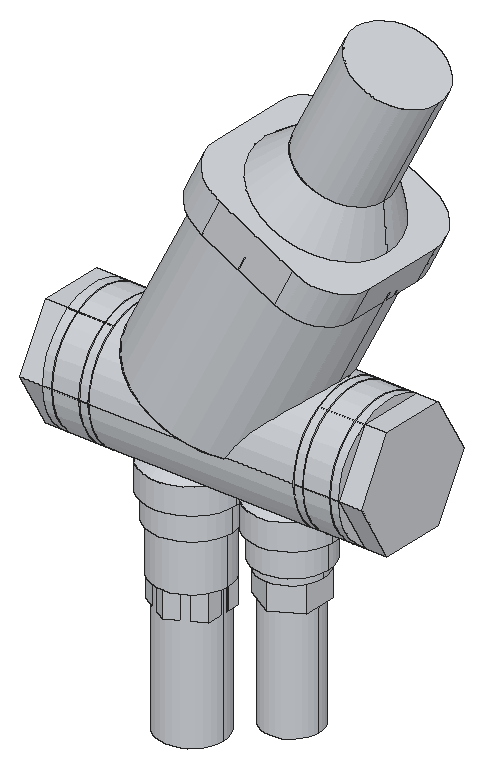
Revit family "Sigma_Compact_DN015 HF_s vyp_RFA_2019", category Pipe Accessories, Revit 2019
Family settings
  Round Connector Dimension = Use Diameter
  Part Type = Valve - Breaks Into
  Work Plane-Based = No
  Always vertical = Yes
  Cut with Voids When Loaded = No
  Shared = No
Parameters (values of type "Sigma Compact DN 15 HF s vypouštěním")
  magiProductId = "e0eed5f915b34df8bba526f8d48f95"
  magiProductFamilyId = "d1104e7aca644fe4921023cda881a0"
  magiPartTypeId = 304
  isMeasuringValve [instance] = no
  ang2D [instance] = 0.00°
  Z6 = 26.1 mm
  Z5 = 60.9 mm
  Z4 = 52.2 mm
  Z3 = 8.7 mm
  Z2 = 43.5 mm
  XR2 = 25 mm
  XR1 = 13 mm
  W2D = 15 mm
  VersionID = "2.0/2018.12.13.2/FRESE_SIGMA_PLUG_Q13_001"
  Use Minimum Symbol Size [instance] = no
  URL = "www.hydronic.cz"
  Type Comments = "závitový; vnitřní závit; PN25; max dp=400kPa; -10~+120°C; max uzavírací tlak 1MPa"
  R4 = 15 mm
  R3 = 10 mm
  R2 = 14 mm
  R1 = 19 mm
  QmdConnectorList = "301;D;302;D"
  Productdata [instance] = ""
  NL__ve = -NL  # -15 mm
  NL = 15 mm
  Manufacturer = "Hydronic System Prague s.r.o."
  MC Use Limits From Balancing Method = no
  MC Throttling Minimum Value = 0
  MC Throttling Maximum Value = 0
  MC Product Code = "53-2221 DN15 FF s měřením a vypouštěním; (60-1080 l/h); kvs=2,6"
  MC Pressure Drop Minimum Value = 0.0 Pa
  MC Pressure Drop Maximum Value = 0.0 Pa
  MC Piping Given Pressure Drop [instance] = 0.0 Pa
  M5 = 32.5 mm
  M4 = 30.5 mm
  M3 = 24.5 mm
  M2 = 22.5 mm
  LP = 37.5 mm
  LM = 45 mm
  LL__ve = -LL  # -5.7 mm
  LLT__ve = -LLT  # -14.9 mm
  LLT = 14.9 mm
  LLL = 11 mm
  LL3 = 41 mm
  LL2 = 32 mm
  LL = 5.7 mm
  L3 = 11 mm
  L2D_Min = 30.48 mm
  L2D = 65 mm
  Description = "Automatický vyvažovací ventil"
  DR1 = yes
  DR0 = no
  DL2 = 66 mm
  D = 15 mm
  CenSd_R2_6 = R2 * cos(30.00°)  # 12.124 mm
  CAT0 = yes
  C0D1 = yes
  C0D0 = no
Types (3, lengths in mm): name | magiProductId | Z6 | Z5 | Z4 | Z3 | Z2 | R2 | NL__ve | NL | MC Product Code | M5 | M4 | M3 | M2 | LP | LM | LL__ve | LLT__ve | LLT | LL3 | LL2 | LL | DL2 | D | CenSd_R2_6
  Sigma Compact DN 15 HF s vypouštěním | "e0eed5f915b34df8bba526f8d48f95" | 26.1 | 60.9 | 52.2 | 8.7 | 43.5 | 14 | -15 | 15 | "53-2221 DN15 FF s měřením a vypouštěním; (60-1080 l/h); kvs=2,6" | 32.5 | 30.5 | 24.5 | 22.5 | 37.5 | 45 | -5.7 | -14.9 | 14.9 | 41 | 32 | 5.7 | 66 | 15 | 12.124
  Sigma Compact DN 20 HF s vypouštěním | "4de04bc937484e42b40234d175e017" | 26.1 | 60.9 | 52.2 | 8.7 | 43.5 | 14 | -15.8 | 15.8 | "53-2223 DN20 FF s měřením a vypouštěním; (102-1930 l/h); kvs=4,0" | 33.7 | 31.7 | 25.7 | 23.7 | 39.5 | 47.4 | -5.7 | -14.9 | 14.9 | 41 | 32 | 5.7 | 66 | 20 | 12.124
  Sigma Compact DN 25 HF s vypouštěním | "353cd751c7f74c09a1eb930e23bd36" | 27 | 63 | 54 | 9 | 45 | 18 | -16.6 | 16.6 | "53-2229 DN25 FF s měřením a vypouštěním; (137-2400 l/h); kvs=4,2" | 34.9 | 32.9 | 26.9 | 24.9 | 41.5 | 49.8 | -5.9 | -16.3 | 16.3 | 43 | 34 | 5.9 | 68 | 25 | 15.588
Reference planes
  plane 1 "Center (Front/Back)": y = 0
  plane 2 "XYPLANE": z = 0
  plane 3 "Center (Left/Right)": x = 0
  plane 4 "408": x = 37.5
  plane 5 "407": x = -37.5
  plane 6 "404": z = -35.3
  plane 7 "403": z = -41
  plane 8 "402": z = -66
  plane 9 "213": x = -11
  plane 10 "168": z = -10.9
  plane 11 "167": z = -12.9
  plane 12 "166": z = -18.6
  plane 13 "165": z = -24.3
  plane 14 "164": z = -26.3
  plane 15 "154": z = 0
  plane 16 "152": y = 0
  plane 17 "151": z = -32
  plane 18 "150": x = 11
  plane 19 "75": through (318.218, 0, 679.605) normal (0.891, 0, -0.454)
  plane 20 "74": x = 32.5
  plane 21 "73": x = 30.5
  plane 22 "72": x = 24.5
  plane 23 "71": x = 22.5
  plane 24 "70": x = -32.5
  plane 25 "69": x = -30.5
  plane 26 "68": x = -24.5
  plane 27 "67": y = 0
  plane 28 "66": through (-666.893, 0, 343.166) normal (0.454, 0, 0.891)
  plane 29 "65": x = -22.5
  plane 30 "64": through (335.147, 0, 670.979) normal (0.891, 0, -0.454)
  plane 31 "63": through (-648.506, 0, 379.252) normal (0.454, 0, 0.891)
  plane 32 "62": through (352.076, 0, 662.353) normal (0.891, 0, -0.454)
  plane 33 "61": y = 19
  plane 34 "60": y = -19
  plane 35 "59": through (-644.557, 0, 387.003) normal (0.454, 0, 0.891)
  plane 36 "58": through (-640.607, 0, 394.755) normal (0.454, 0, 0.891)
  plane 37 "56": x = 0
  plane 38 "55": through (-668.255, 0, 340.493) normal (0.454, 0, 0.891)
  plane 39 "102XY": through (-668.255, 0, 340.493) normal (0.454, 0, 0.891)
  plane 40 "102XZ": y = 0
  plane 41 "102YZ": through (340.493, 0, 668.255) normal (0.891, 0, -0.454)
Forms (mm)
  Extrusion 1, solid
    sketch origin (37.5, -750, 0) x (0, 1, 0) y (0, 0, 1)
      loop
        line (764, 0) -> (757, 12.124) -> (743, 12.124) -> (736, 0) -> (743, -12.124) -> (757, -12.124) -> (764, 0)
    from 0 to -15 <- "NL__ve"
  Extrusion 2, solid
    sketch origin (-37.5, -750, 0) x (0, 1, 0) y (0, 0, 1)
      loop
        line (736, 0) -> (743, -12.124) -> (757, -12.124) -> (764, 0) -> (757, 12.124) -> (743, 12.124) -> (736, 0)
    from 0 to 15 <- "NL"
  Extrusion 3, solid, visible <- "C0D1"
    sketch origin (-750, 0, -66) x (1, 0, 0) y (0, 1, 0)
      loop
        circle (739, 0) r 7
    from 0 to 50
  Extrusion 4, solid, visible <- "DR1"
    sketch origin (-750, 0, -35.3) x (1, 0, 0) y (0, 1, 0)
      loop
        line (739, -8) -> (745.928, -4) -> (745.928, 4) -> (739, 8) -> (732.072, 4) -> (732.072, -4) -> (739, -8)
    from 0 to -5.7 <- "LL__ve"
  Extrusion 5, solid, visible <- "DR1"
    sketch origin (-750, 0, -35.3) x (1, 0, 0) y (0, 1, 0)
      loop
        circle (739, 0) r 8
    from 0 to 11 <- "LLL"
  Extrusion 6, solid, visible <- "DR1"
    sketch origin (-750, 0, -24.3) x (1, 0, 0) y (0, 1, 0)
      loop
        circle (739, 0) r 9
    from 0 to 5.7 <- "LL"
  Extrusion 7, solid, visible <- "DR1"
    sketch origin (-750, 0, -18.6) x (1, 0, 0) y (0, 1, 0)
      loop
        circle (739, 0) r 10
    from 0 to 5.7 <- "LL"
  Blend 8, solid, visible <- "DR1"
    base sketch origin (-750, 0, -10.9) x (1, 0, 0) y (0, 1, 0)
      loop
        circle (739, 0) r 7.5
    top sketch origin (-750, 0, -10.9) x (1, 0, 0) y (0, 1, 0)
      loop
        circle (739, 0) r 10
    from 0 to -2
  Extrusion 9, solid, visible <- "DR1"
    sketch origin (-750, 0, 0) x (1, 0, 0) y (0, 1, 0)
      loop
        circle (739, 0) r 7.5
    from 0 to -14.9 <- "LLT__ve"
  Extrusion 10, solid, visible <- "C0D0"
    sketch origin (-750, 0, -32) x (1, 0, 0) y (0, 1, 0)
      loop
        circle (739, 0) r 6
    from 0 to -25
  Extrusion 11, solid, visible <- "DR0"
    sketch origin (-750, 0, -26.3) x (1, 0, 0) y (0, 1, 0)
      loop
        line (739, -7) -> (745.062, -3.5) -> (745.062, 3.5) -> (739, 7) -> (732.938, 3.5) -> (732.938, -3.5) -> (739, -7)
    from 0 to -5.7 <- "LL__ve"
  Extrusion 12, solid, visible <- "DR0"
    sketch origin (-750, 0, -26.3) x (1, 0, 0) y (0, 1, 0)
      loop
        circle (739, 0) r 7
    from 0 to 2
  Extrusion 13, solid, visible <- "DR0"
    sketch origin (-750, 0, -18.6) x (1, 0, 0) y (0, 1, 0)
      loop
        circle (739, 0) r 9
    from 0 to 5.7 <- "LL"
  Blend 14, solid, visible <- "DR0"
    base sketch origin (-750, 0, -10.9) x (1, 0, 0) y (0, 1, 0)
      loop
        circle (739, 0) r 6.5
    top sketch origin (-750, 0, -10.9) x (1, 0, 0) y (0, 1, 0)
      loop
        circle (739, 0) r 9
    from 0 to -2
  Extrusion 15, solid, visible <- "DR0"
    sketch origin (-750, 0, 0) x (1, 0, 0) y (0, 1, 0)
      loop
        circle (739, 0) r 6.5
    from 0 to -14.9 <- "LLT__ve"
  Extrusion 16, solid, visible <- "DR0"
    sketch origin (-750, 0, 0) x (1, 0, 0) y (0, 1, 0)
      loop
        circle (739, 0) r 6.5
    from 0 to -14.9 <- "LLT__ve"
  Blend 17, solid, visible <- "DR0"
    base sketch origin (-750, 0, -10.9) x (1, 0, 0) y (0, 1, 0)
      loop
        circle (739, 0) r 6.5
    top sketch origin (-750, 0, -10.9) x (1, 0, 0) y (0, 1, 0)
      loop
        circle (739, 0) r 9
    from 0 to -2
  Extrusion 18, solid, visible <- "DR0"
    sketch origin (-750, 0, -18.6) x (1, 0, 0) y (0, 1, 0)
      loop
        circle (739, 0) r 9
    from 0 to 5.7 <- "LL"
  Extrusion 19, solid, visible <- "DR0"
    sketch origin (-750, 0, -24.3) x (1, 0, 0) y (0, 1, 0)
      loop
        circle (739, 0) r 8
    from 0 to 5.7 <- "LL"
  Extrusion 20, solid, visible <- "DR0"
    sketch origin (-750, 0, -26.3) x (1, 0, 0) y (0, 1, 0)
      loop
        circle (739, 0) r 7
    from 0 to 2
  Extrusion 21, solid, visible <- "DR0"
    sketch origin (-750, 0, -26.3) x (1, 0, 0) y (0, 1, 0)
      loop
        line (739, -7) -> (745.062, -3.5) -> (745.062, 3.5) -> (739, 7) -> (732.938, 3.5) -> (732.938, -3.5) -> (739, -7)
    from 0 to -5.7 <- "LL__ve"
  Extrusion 22, solid, visible <- "C0D0"
    sketch origin (-750, 0, -32) x (1, 0, 0) y (0, 1, 0)
      loop
        circle (739, 0) r 6
    from 0 to -25
  Extrusion 23, solid, visible <- "CAT0"
    sketch origin (-750, 0, -32) x (1, 0, 0) y (0, 1, 0)
      loop
        circle (761, 0) r 6
    from 0 to -25
  Extrusion 24, solid
    sketch origin (-750, 0, -26.3) x (1, 0, 0) y (0, 1, 0)
      loop
        line (761, -7) -> (767.062, -3.5) -> (767.062, 3.5) -> (761, 7) -> (754.938, 3.5) -> (754.938, -3.5) -> (761, -7)
    from 0 to -5.7 <- "LL__ve"
  Extrusion 25, solid
    sketch origin (-750, 0, -26.3) x (1, 0, 0) y (0, 1, 0)
      loop
        circle (761, 0) r 7
    from 0 to 2
  Extrusion 26, solid
    sketch origin (-750, 0, -24.3) x (1, 0, 0) y (0, 1, 0)
      loop
        circle (761, 0) r 8
    from 0 to 5.7 <- "LL"
  Extrusion 27, solid
    sketch origin (-750, 0, -18.6) x (1, 0, 0) y (0, 1, 0)
      loop
        circle (761, 0) r 9
    from 0 to 5.7 <- "LL"
  Blend 28, solid
    base sketch origin (-750, 0, -10.9) x (1, 0, 0) y (0, 1, 0)
      loop
        circle (761, 0) r 6.5
    top sketch origin (-750, 0, -10.9) x (1, 0, 0) y (0, 1, 0)
      loop
        circle (761, 0) r 9
    from 0 to -2
  Extrusion 29, solid
    sketch origin (-750, 0, 0) x (1, 0, 0) y (0, 1, 0)
      loop
        circle (761, 0) r 6.5
    from 0 to -14.9 <- "LLT__ve"
  Blend 30, solid, visible <- "CAT0"
    base sketch origin (30.5, -750, 0) x (0, 1, 0) y (0, 0, 1)
      loop
        circle (750, 0) r 14
    top sketch origin (30.5, -750, 0) x (0, 1, 0) y (0, 0, 1)
      loop
        circle (750, 0) r 14
    from 0 to 2
  Extrusion 31, solid, visible <- "CAT0"
    sketch origin (24.5, -750, 0) x (0, 1, 0) y (0, 0, 1)
      loop
        circle (750, 0) r 14
    from 0 to 6
  Blend 32, solid, visible <- "CAT0"
    base sketch origin (22.5, -750, 0) x (0, 1, 0) y (0, 0, 1)
      loop
        circle (750, 0) r 14
    top sketch origin (22.5, -750, 0) x (0, 1, 0) y (0, 0, 1)
      loop
        circle (750, 0) r 14
    from 0 to 2
  Blend 33, solid, visible <- "CAT0"
    base sketch origin (-30.5, -750, 0) x (0, 1, 0) y (0, 0, 1)
      loop
        circle (750, 0) r 14
    top sketch origin (-30.5, -750, 0) x (0, 1, 0) y (0, 0, 1)
      loop
        circle (750, 0) r 14
    from 0 to -2
  Extrusion 34, solid, visible <- "CAT0"
    sketch origin (-30.5, -750, 0) x (0, 1, 0) y (0, 0, 1)
      loop
        circle (750, 0) r 14
    from 0 to 6
  Blend 35, solid, visible <- "CAT0"
    base sketch origin (-24.5, -750, 0) x (0, 1, 0) y (0, 0, 1)
      loop
        circle (750, 0) r 14
    top sketch origin (-24.5, -750, 0) x (0, 1, 0) y (0, 0, 1)
      loop
        circle (750, 0) r 14
    from 0 to 2
  Extrusion 36, solid, visible <- "CAT0"
    sketch origin (-22.5, -750, 0) x (0, 1, 0) y (0, 0, 1)
      loop
        circle (750, 0) r 14
    from 0 to 45 <- "LM"
  Extrusion 37, solid, visible <- "CAT0"
    sketch origin (-666.893, 0, 343.166) x (0.891007, 0, -0.45399) y (0, 1, 0)
      loop
        circle (744, 0) r 19
    from 0 to 43.5 <- "Z2"
  Extrusion 38, solid, visible <- "CAT0"
    sketch origin (-648.506, 0, 379.252) x (0.891007, 0, -0.45399) y (0, 1, 0)
      loop
        arc (735, 19) -> (727.929, 16.071) -> (725, 9) r 10
        line (725, 9) -> (725, -9)
        arc (725, -9) -> (727.929, -16.071) -> (735, -19) r 10
        line (735, -19) -> (753, -19)
        arc (753, -19) -> (760.071, -16.071) -> (763, -9) r 10
        line (763, -9) -> (763, 9)
        arc (763, 9) -> (760.071, 16.071) -> (753, 19) r 10
        line (753, 19) -> (735, 19)
    from 0 to 8.7 <- "Z3"
  Blend 39, solid, visible <- "CAT0"
    base sketch origin (-644.557, 0, 387.003) x (0.891007, 0, -0.45399) y (0, 1, 0)
      loop
        circle (744, 0) r 15
    top sketch origin (-644.557, 0, 387.003) x (0.891007, 0, -0.45399) y (0, 1, 0)
      loop
        circle (744, 0) r 10
    from 0 to 8.7
  Extrusion 40, solid, visible <- "CAT0"
    sketch origin (-640.607, 0, 394.755) x (0.891007, 0, -0.45399) y (0, 1, 0)
      loop
        circle (744, 0) r 10
    from 0 to 26.1 <- "Z6"
  Blend 41, solid, visible <- "CAT0"
    base sketch origin (-668.255, 0, 340.493) x (0.891007, 0, -0.45399) y (0, 1, 0)
      loop
        circle (744, 0) r 15
    top sketch origin (-668.255, 0, 340.493) x (0.891007, 0, -0.45399) y (0, 1, 0)
      loop
        circle (744, 0) r 19
    from 0 to 3
  Extrusion 42, solid, not visible
    sketch origin (-32.5, -750, 0) x (0, 1, 0) y (0, 0, 1)
      loop
        circle (750, 0) r 10
    from 0 to 10
  Extrusion 43, solid, not visible
    sketch origin (32.5, -750, 0) x (0, 1, 0) y (0, 0, 1)
      loop
        circle (750, 0) r 10
    from 0 to -10
Lines and regions (mm)
  reference lines, not visible
    curve 1: circle (2, 2, 0) r 1 normal (0, 0, 1)
  reference lines
    curve 2: line (37.5, 0, 0) -> (37.5, -3.5, 6.062)
    curve 3: line (37.5, 0, 0) -> (37.5, -7, 0)
    curve 4: line (37.5, 0, 0) -> (37.5, -3.5, -6.062)
    curve 5: line (-37.5, 0, 0) -> (-37.5, 3.5, 6.062)
    curve 6: line (-37.5, 0, 0) -> (-37.5, 7, 0)
    curve 7: line (-37.5, 0, 0) -> (-37.5, 3.5, -6.062)
Dimensions and locks
  plane 1 "Center (Front/Back)" to curve 1 = 2 mm
  "LP": plane 37 "56" to plane 4 "408"
  "LP": plane 37 "56" to plane 5 "407"
  "LL": plane 7 "403" to plane 6 "404"
  "LL3": plane 2 "XYPLANE" to plane 7 "403"
  "DL2": plane 2 "XYPLANE" to plane 8 "402"
  "L3": plane 3 "Center (Left/Right)" to plane 9 "213"
  locked: plane 11 "167" to plane 10 "168" at 2
  "LL": plane 12 "166" to plane 11 "167"
  "LL": plane 13 "165" to plane 12 "166"
  locked: plane 14 "164" to plane 13 "165" at 2
  "LL": plane 17 "151" to plane 14 "164"
  locked: plane 2 "XYPLANE" to plane 15 "154"
  locked: plane 1 "Center (Front/Back)" to plane 16 "152"
  "LL2": plane 2 "XYPLANE" to plane 17 "151"
  "L3": plane 3 "Center (Left/Right)" to plane 18 "150"
  "XR2": plane 41 "102YZ" to plane 19 "75"
  "M5": plane 3 "Center (Left/Right)" to plane 20 "74"
  "M4": plane 3 "Center (Left/Right)" to plane 21 "73"
  "M3": plane 3 "Center (Left/Right)" to plane 22 "72"
  "M2": plane 3 "Center (Left/Right)" to plane 23 "71"
  "M5": plane 3 "Center (Left/Right)" to plane 24 "70"
  "M4": plane 3 "Center (Left/Right)" to plane 25 "69"
  "M3": plane 3 "Center (Left/Right)" to plane 26 "68"
  locked: plane 16 "152" to plane 27 "67"
  locked: plane 39 "102XY" to plane 28 "66" at 3
  "M2": plane 3 "Center (Left/Right)" to plane 29 "65"
  locked: plane 41 "102YZ" to plane 30 "64" at 6
  "Z2": plane 39 "102XY" to plane 31 "63"
  "XR1": plane 41 "102YZ" to plane 32 "62"
  "R1": plane 16 "152" to plane 33 "61"
  "R1": plane 16 "152" to plane 34 "60"
  "Z4": plane 39 "102XY" to plane 35 "59"
  "Z5": plane 39 "102XY" to plane 36 "58"
  locked: plane 3 "Center (Left/Right)" to plane 37 "56"
  locked: plane 39 "102XY" to plane 38 "55"
  "CenSd_R2_6": curve 2 to Extrusion 1 sketch curve  (x2)
  "CenSd_R2_6": curve 3 to Extrusion 1 sketch curve  (x2)
  "CenSd_R2_6": curve 4 to Extrusion 1 sketch curve  (x2)
  Extrusion 1 sketch curve to Extrusion 1 sketch curve = 0 mm  (x12)
  "CenSd_R2_6": curve 5 to Extrusion 2 sketch curve  (x2)
  "CenSd_R2_6": curve 6 to Extrusion 2 sketch curve  (x2)
  "CenSd_R2_6": curve 7 to Extrusion 2 sketch curve  (x2)
  Extrusion 2 sketch curve to Extrusion 2 sketch curve = 0 mm  (x12)
  Extrusion 4 sketch curve to Extrusion 4 sketch curve = 0 mm  (x12)
  Extrusion 11 sketch curve to Extrusion 11 sketch curve = 0 mm  (x12)
  Extrusion 21 sketch curve to Extrusion 21 sketch curve = 0 mm  (x12)
  Extrusion 24 sketch curve to Extrusion 24 sketch curve = 0 mm  (x12)
  Extrusion 38 sketch curve to Extrusion 38 sketch curve = 0 mm  (x16)
  "R2": radius of Blend 30 sketch curve  (x2)
  "R2": radius of Extrusion 31 sketch curve
  "R2": radius of Blend 32 sketch curve  (x2)
  "R2": radius of Blend 33 sketch curve  (x2)
  "R2": radius of Extrusion 34 sketch curve
  "R2": radius of Blend 35 sketch curve  (x2)
  "R2": radius of Extrusion 36 sketch curve
  "R1": radius of Extrusion 37 sketch curve
  radius of Extrusion 38 sketch curve = 10 mm  (x4)
  "R3": radius of Blend 39 sketch curve
  "R4": radius of Blend 39 sketch curve
  "R3": radius of Extrusion 40 sketch curve
  "R1": radius of Blend 41 sketch curve
  locked: curve 3 to curve 2 (angle 60.00°)
  locked: curve 4 to curve 3 (angle 60.00°)
  locked: curve 4 to curve 2 (angle 120.00°)
  locked: curve 6 to curve 5 (angle 60.00°)
  locked: curve 7 to curve 6 (angle 60.00°)
  locked: curve 7 to curve 5 (angle 120.00°)
  aligned and locked: level to plane 2 "XYPLANE"
  aligned and locked: plane 15 "154" to curve 4
  aligned and locked: curve 4 to plane 16 "152"
  aligned and locked: plane 15 "154" to curve 7
  aligned and locked: curve 7 to plane 16 "152"
  aligned and locked: plane 9 "213" to Extrusion 3 sketch curve
  aligned and locked: plane 16 "152" to Extrusion 3 sketch curve
  aligned and locked: plane 9 "213" to Extrusion 5 sketch curve
  aligned and locked: plane 16 "152" to Extrusion 5 sketch curve
  aligned and locked: plane 9 "213" to Extrusion 6 sketch curve
  aligned and locked: plane 16 "152" to Extrusion 6 sketch curve
  aligned and locked: plane 9 "213" to Extrusion 7 sketch curve
  aligned and locked: plane 16 "152" to Extrusion 7 sketch curve
  aligned and locked: plane 9 "213" to Blend 8 sketch curve  (x2)
  aligned and locked: plane 16 "152" to Blend 8 sketch curve  (x2)
  aligned and locked: Blend 8 to plane 11 "167"
  aligned and locked: plane 9 "213" to Extrusion 9 sketch curve
  aligned and locked: plane 16 "152" to Extrusion 9 sketch curve
  aligned and locked: plane 9 "213" to Extrusion 10 sketch curve
  aligned and locked: plane 16 "152" to Extrusion 10 sketch curve
  aligned and locked: plane 9 "213" to Extrusion 12 sketch curve
  aligned and locked: plane 16 "152" to Extrusion 12 sketch curve
  aligned and locked: plane 9 "213" to Extrusion 13 sketch curve
  aligned and locked: plane 16 "152" to Extrusion 13 sketch curve
  aligned and locked: plane 9 "213" to Blend 14 sketch curve  (x2)
  aligned and locked: plane 16 "152" to Blend 14 sketch curve  (x2)
  aligned and locked: Blend 14 to plane 11 "167"
  aligned and locked: plane 9 "213" to Extrusion 15 sketch curve
  aligned and locked: plane 16 "152" to Extrusion 15 sketch curve
  aligned and locked: plane 9 "213" to Extrusion 16 sketch curve
  aligned and locked: plane 16 "152" to Extrusion 16 sketch curve
  aligned and locked: plane 9 "213" to Blend 17 sketch curve  (x2)
  aligned and locked: plane 16 "152" to Blend 17 sketch curve  (x2)
  aligned and locked: Blend 17 to plane 11 "167"
  aligned and locked: plane 9 "213" to Extrusion 18 sketch curve
  aligned and locked: plane 16 "152" to Extrusion 18 sketch curve
  aligned and locked: plane 9 "213" to Extrusion 19 sketch curve
  aligned and locked: plane 16 "152" to Extrusion 19 sketch curve
  aligned and locked: plane 9 "213" to Extrusion 20 sketch curve
  aligned and locked: plane 16 "152" to Extrusion 20 sketch curve
  aligned and locked: plane 9 "213" to Extrusion 22 sketch curve
  aligned and locked: plane 16 "152" to Extrusion 22 sketch curve
  aligned and locked: plane 16 "152" to Extrusion 23 sketch curve
  aligned and locked: plane 18 "150" to Extrusion 23 sketch curve
  aligned and locked: plane 16 "152" to Extrusion 25 sketch curve
  aligned and locked: plane 18 "150" to Extrusion 25 sketch curve
  aligned and locked: plane 16 "152" to Extrusion 26 sketch curve
  aligned and locked: plane 18 "150" to Extrusion 26 sketch curve
  aligned and locked: plane 16 "152" to Extrusion 27 sketch curve
  aligned and locked: plane 18 "150" to Extrusion 27 sketch curve
  aligned and locked: plane 16 "152" to Blend 28 sketch curve  (x2)
  aligned and locked: plane 18 "150" to Blend 28 sketch curve  (x2)
  aligned and locked: Blend 28 to plane 11 "167"
  aligned and locked: plane 16 "152" to Extrusion 29 sketch curve
  aligned and locked: plane 18 "150" to Extrusion 29 sketch curve
  aligned and locked: plane 15 "154" to Blend 30 sketch curve  (x2)
  aligned and locked: Blend 30 sketch curve to plane 16 "152"  (x2)
  aligned and locked: plane 20 "74" to Blend 30
  aligned and locked: plane 15 "154" to Extrusion 31 sketch curve
  aligned and locked: Extrusion 31 sketch curve to plane 16 "152"
  aligned and locked: plane 15 "154" to Blend 32 sketch curve  (x2)
  aligned and locked: Blend 32 sketch curve to plane 16 "152"  (x2)
  aligned and locked: plane 22 "72" to Blend 32
  aligned and locked: plane 15 "154" to Blend 33 sketch curve  (x2)
  aligned and locked: Blend 33 sketch curve to plane 16 "152"  (x2)
  aligned and locked: Blend 33 to plane 24 "70"
  aligned and locked: plane 15 "154" to Extrusion 34 sketch curve
  aligned and locked: Extrusion 34 sketch curve to plane 16 "152"
  aligned and locked: plane 15 "154" to Blend 35 sketch curve  (x2)
  aligned and locked: Blend 35 sketch curve to plane 16 "152"  (x2)
  aligned and locked: plane 29 "65" to Blend 35
  aligned and locked: plane 15 "154" to Extrusion 36 sketch curve
  aligned and locked: Extrusion 36 sketch curve to plane 16 "152"
  aligned and locked: plane 27 "67" to Extrusion 37 sketch curve
  aligned and locked: Extrusion 37 sketch curve to plane 30 "64"
  aligned and locked: Extrusion 38 sketch curve to plane 19 "75"
  aligned and locked: Extrusion 38 sketch curve to plane 34 "60"
  aligned and locked: Extrusion 38 sketch curve to plane 32 "62"
  aligned and locked: plane 33 "61" to Extrusion 38 sketch curve
  aligned and locked: plane 27 "67" to Blend 39 sketch curve  (x2)
  aligned and locked: Blend 39 sketch curve to plane 30 "64"  (x2)
  aligned and locked: plane 36 "58" to Blend 39
  aligned and locked: plane 27 "67" to Extrusion 40 sketch curve
  aligned and locked: Extrusion 40 sketch curve to plane 30 "64"
  aligned and locked: plane 27 "67" to Blend 41 sketch curve  (x2)
  aligned and locked: Blend 41 sketch curve to plane 30 "64"  (x2)
  aligned and locked: plane 28 "66" to Blend 41
  aligned and locked: plane 15 "154" to Extrusion 42 sketch curve
  aligned and locked: Extrusion 42 sketch curve to plane 16 "152"
  aligned and locked: plane 15 "154" to Extrusion 43 sketch curve
  aligned and locked: Extrusion 43 sketch curve to plane 16 "152"
Automatic sketch dimensions
  plane 29 "65" to Extrusion 3 sketch curve = 4.5 mm
  Extrusion 4 sketch curve to plane 9 "213" = 0 mm  (x2)
  plane 29 "65" to Extrusion 4 sketch curve = 4.572 mm
  Extrusion 4 sketch curve to plane 3 "Center (Left/Right)" = 4.072 mm
  plane 1 "Center (Front/Back)" to Extrusion 4 sketch curve = 8 mm
  plane 1 "Center (Front/Back)" to Extrusion 4 sketch curve = 4 mm  (x2)
  Extrusion 4 sketch curve to plane 1 "Center (Front/Back)" = 4 mm  (x2)
  Extrusion 4 sketch curve to Extrusion 4 sketch curve = 4 mm
  plane 29 "65" to Extrusion 5 sketch curve = 3.5 mm
  plane 29 "65" to Extrusion 6 sketch curve = 2.5 mm
  plane 29 "65" to Extrusion 7 sketch curve = 1.5 mm
  plane 29 "65" to Blend 8 sketch curve = 4 mm
  plane 29 "65" to Blend 8 sketch curve = 1.5 mm
  plane 29 "65" to Extrusion 9 sketch curve = 4 mm
  plane 29 "65" to Extrusion 10 sketch curve = 5.5 mm
  Extrusion 11 sketch curve to plane 9 "213" = 0 mm  (x2)
  plane 29 "65" to Extrusion 11 sketch curve = 5.438 mm
  Extrusion 11 sketch curve to plane 3 "Center (Left/Right)" = 4.938 mm
  plane 1 "Center (Front/Back)" to Extrusion 11 sketch curve = 7 mm
  plane 1 "Center (Front/Back)" to Extrusion 11 sketch curve = 3.5 mm  (x2)
  Extrusion 11 sketch curve to plane 1 "Center (Front/Back)" = 3.5 mm  (x2)
  Extrusion 11 sketch curve to Extrusion 11 sketch curve = 3.5 mm
  plane 29 "65" to Extrusion 12 sketch curve = 4.5 mm
  plane 29 "65" to Extrusion 13 sketch curve = 2.5 mm
  plane 29 "65" to Blend 14 sketch curve = 5 mm
  plane 29 "65" to Blend 14 sketch curve = 2.5 mm
  plane 29 "65" to Extrusion 15 sketch curve = 5 mm
  plane 29 "65" to Extrusion 16 sketch curve = 5 mm
  plane 29 "65" to Blend 17 sketch curve = 5 mm
  plane 29 "65" to Blend 17 sketch curve = 2.5 mm
  plane 29 "65" to Extrusion 18 sketch curve = 2.5 mm
  plane 29 "65" to Extrusion 19 sketch curve = 3.5 mm
  plane 29 "65" to Extrusion 20 sketch curve = 4.5 mm
  Extrusion 21 sketch curve to plane 9 "213" = 0 mm  (x2)
  plane 29 "65" to Extrusion 21 sketch curve = 5.438 mm
  Extrusion 21 sketch curve to plane 3 "Center (Left/Right)" = 4.938 mm
  plane 1 "Center (Front/Back)" to Extrusion 21 sketch curve = 7 mm
  plane 1 "Center (Front/Back)" to Extrusion 21 sketch curve = 3.5 mm  (x2)
  Extrusion 21 sketch curve to plane 1 "Center (Front/Back)" = 3.5 mm  (x2)
  Extrusion 21 sketch curve to Extrusion 21 sketch curve = 3.5 mm
  plane 29 "65" to Extrusion 22 sketch curve = 5.5 mm
  plane 3 "Center (Left/Right)" to Extrusion 23 sketch curve = 5 mm
  Extrusion 24 sketch curve to plane 18 "150" = 0 mm  (x2)
  plane 3 "Center (Left/Right)" to Extrusion 24 sketch curve = 4.938 mm
  Extrusion 24 sketch curve to plane 23 "71" = 5.438 mm
  plane 1 "Center (Front/Back)" to Extrusion 24 sketch curve = 7 mm
  plane 1 "Center (Front/Back)" to Extrusion 24 sketch curve = 3.5 mm  (x2)
  Extrusion 24 sketch curve to plane 1 "Center (Front/Back)" = 3.5 mm  (x2)
  Extrusion 24 sketch curve to Extrusion 24 sketch curve = 3.5 mm
  plane 3 "Center (Left/Right)" to Extrusion 25 sketch curve = 4 mm
  plane 3 "Center (Left/Right)" to Extrusion 26 sketch curve = 3 mm
  plane 3 "Center (Left/Right)" to Extrusion 27 sketch curve = 2 mm
  plane 3 "Center (Left/Right)" to Blend 28 sketch curve = 4.5 mm
  plane 3 "Center (Left/Right)" to Blend 28 sketch curve = 2 mm
  plane 3 "Center (Left/Right)" to Extrusion 29 sketch curve = 4.5 mm
  plane 19 "75" to Blend 41 sketch curve = 4 mm
  plane 34 "60" to Extrusion 42 sketch curve = 9 mm
  plane 34 "60" to Extrusion 43 sketch curve = 9 mm
  plane 3 "Center (Left/Right)" to curve 1 = 2 mm
  radius of curve 1 = 1 mm
Connectors
  piping at (-32.5, 0, 0), diameter 15, driven by "D"
    settings: on Extrusion 42, index 1, connector inside diameter 609.6 mm, connector length 0 mm, flow factor 0, pipe flow 0.0 L/s, pressure drop 0.0 Pa, fitting loss kfactor 0, connector angle 0.00°, fixture units 0, engagement length 0 mm, angle of deflection 0.00°, flow configuration 0, flow direction 0, fitting loss method 0, system type 29, joint type 0, gender type 0, connector reference index 2, connector utility 0, adjustable connector no, is connector primary yes, connector description ""
  piping at (32.5, 0, 0), diameter 15, driven by "D"
    settings: on Extrusion 43, index 2, connector inside diameter 609.6 mm, connector length 0 mm, flow factor 0, pipe flow 0.0 L/s, pressure drop 0.0 Pa, fitting loss kfactor 0, connector angle 0.00°, fixture units 0, engagement length 0 mm, angle of deflection 0.00°, flow configuration 0, flow direction 0, fitting loss method 0, system type 29, joint type 0, gender type 0, connector reference index 1, connector utility 0, adjustable connector no, is connector primary no, connector description ""
